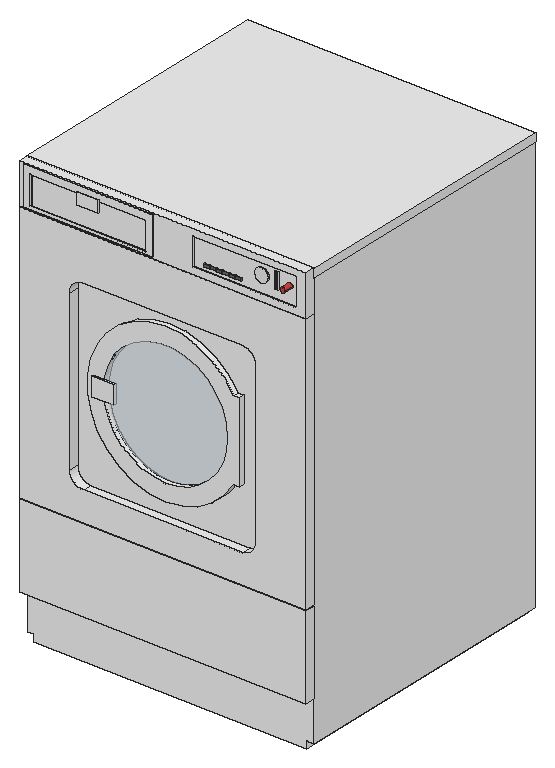
Revit family
Parameters (values of type "Washer_PW_6241_Miele")
  Warranty Duration (Years) = 0
  Voltage_MEP = 230 V
  URL = "http://www.professionallaundry.com/intro/default.asp"
  Specification = "http://www.arcat.com/sdspecs/htm/11110mpp.htm"
  Send Message = "http://www.arcat.com/users.pl?action=UserEmail&company=Miele%20Professional%20Products&coid=46081&rep=121&fax=609-419-4298&mf="
  Sales Information = "http://miele.com/locator/locator_new.asp?nav=800&snav=800&tnav=800&oT=7"
  Revision = "R1_03-2010"
  Product Properties = "http://www.arcat.com/bim/bim_info.pl?fn=Miele"
  Product Data = "http://www.arcat.com/arcatcos/cos46/arc46081.html"
  Model = "PW 6241"
  Manufacturer Website = "http://www.professionallaundry.com/intro/default.asp"
  Manufacturer Phone - Toll Free = "800-843-7231 "
  Manufacturer Phone = "609-419-9898 "
  Manufacturer Fax = "609-419-4298"
  Manufacturer Address = "9 Independence Way, Princeton, NJ 08540"
  Manufacturer = "Miele Professional Products"
  Maintenance Schedule (Months) = 0
  MEP Wattage = Voltage_MEP * MEP Amperage  # 18400 VA
  MEP Amperage = 80 A
  Keynote = "11 23 00"
  Installation-Fabrication = "http://www.professionallaundry.com/model/modelsintro.asp"
  Installation Phase = ""
  HW2 = Connection Dia HW / 2  # 0' - 0 1/4"
  Green Building-LEED = "http://www.arcat.com/green/clients/leed_data_46081.html"
  Expected Lifespan (Years) = 0
  Drawn By = "Robert S. Weygant, CSI, CDT, SCIP"
  Description = "Miele PW6241 Commercial Steam Extractors"
  DWV2 = Connection Dia DWV / 2  # 0' - 1 1/2"
  Copyright = "2010, ARCAT, Inc"
  Construction Details = "http://www.professionallaundry.com/model/modelsintro.asp"
  Connection Dia HW = 0' - 0 1/2"
  Connection Dia Electrical = 0' - 1"
  Connection Dia DWV = 0' - 3"
  Connection Dia CW = 0' - 0 1/2"
  Connect Dpth = -0' - 1"
  Circuits = 3
  Capacity = "54 Lbs"
  CW2 = Connection Dia CW / 2  # 0' - 0 1/4"
  Body Material = Metal - Stainless Steel
  Assembly Code = "E1090320"
Reference planes (in)
  plane 1 "Center (Front/Back)": y = 0
  plane 2: z = 0
  plane 3 "Center (Left/Right)": x = 0
  plane 4 "Connection Plane": y = 21.34415
Forms (in)
  Extrusion 1, solid, material "Electrical"
    sketch origin (9.125, 21.34415, 62.33979) x (-1, 0, 0) y (0, 0, -1)
      loop
        circle (19.22397, 6.9376) r 0.5
    from 0 to -1 <- "Connect Dpth"
  Extrusion 2, solid, material "Pb Sanitary"
    sketch origin (32.404, 21.34415, 21.29741) x (-1, 0, 0) y (0, 0, -1)
      loop
        circle (20.22397, 6.9376) r 1.5
    from 0 to -3.94116
  Extrusion 3, solid, material "Pb Supply Cold"
    sketch origin (15.5, 21.34415, 62.33979) x (-1, 0, 0) y (0, 0, -1)
      loop
        circle (18.97397, 6.9376) r 0.25
    from 0 to -1 <- "Connect Dpth"
  Extrusion 4, solid, material "Pb Supply Hot"
    sketch origin (22.55585, 21.34415, 63.12802) x (-1, 0, 0) y (0, 0, -1)
      loop
        circle (18.97397, 6.9376) r 0.25
    from 0 to -1 <- "Connect Dpth"
  Extrusion 5, solid, material "Metal - Stainless Steel" <- "Body Material"
    sketch origin (0, 3.03394, 7.6023) x (1, 0, 0) y (0, 0, 1)
      loop
        line (-21.375, 11.91803) -> (21.375, 11.91803) -> (21.375, 50.92746) -> (-21.375, 50.92746) -> (-21.375, 11.91803)
      loop
        arc (-13.90998, 18.27649) -> (-13.32419, 16.86228) -> (-11.90998, 16.27649) r 2
        line (-11.90998, 16.27649) -> (11.90998, 16.27649)
        arc (11.90998, 16.27649) -> (13.32419, 16.86228) -> (13.90998, 18.27649) r 2
        line (13.90998, 18.27649) -> (13.90998, 42.05008)
        arc (13.90998, 42.05008) -> (13.32419, 43.4643) -> (11.90998, 44.05008) r 2
        line (11.90998, 44.05008) -> (-11.90998, 44.05008)
        arc (-11.90998, 44.05008) -> (-13.32419, 43.4643) -> (-13.90998, 42.05008) r 2
        line (-13.90998, 42.05008) -> (-13.90998, 18.27649)
    from 23.0488 to 24.43979
  Extrusion 6, solid, material "Metal - Stainless Steel" <- "Body Material"
    sketch origin (0, 3.03394, 9.87404) x (1, 0, 0) y (0, 0, 1)
      loop
        line (-21.375, 54.80736) -> (-21.375, 48.68697) -> (21.375, 48.68697) -> (21.375, 54.80736) -> (-21.375, 54.80736)
      loop
        line (-19.79854, 53.60183) -> (-19.79854, 49.28973) -> (-2.45743, 49.28973) -> (-2.45743, 53.60183) -> (-19.79854, 53.60183)
      loop
        line (4.45119, 53.83366) -> (4.45119, 49.66067) -> (19.984, 49.66067) -> (19.984, 53.83366) -> (4.45119, 53.83366)
    from 23.0488 to 24.43979
  Extrusion 7, solid, material "Metal - Stainless Steel" <- "Body Material"
    sketch origin (0, 8.00677, 56.64642) x (1, 0, 0) y (0, 0, 1)
      loop
        line (-21.46773, 8.03498) -> (-21.46773, 6.82945) -> (21.5141, 6.82945) -> (21.5141, 8.03498) -> (-21.46773, 8.03498)
    from -13.33738 to 28.02162
  Extrusion 8, solid, material "Metal - Stainless Steel" <- "Body Material"
    sketch origin (0, 8.00677, 48.76598) x (1, 0, 0) y (0, 0, 1)
      loop
        line (-21.375, 14.70988) -> (-21.375, -47.79229) -> (-20.4013, -47.79229) -> (-20.4013, -48.76598) -> (20.4013, -48.76598) -> (20.4013, -47.79229) -> (21.375, -47.79229) -> (21.375, 14.70988) -> (-21.375, 14.70988)
    from -13.33738 to 28.02162
  Extrusion 9, solid, material "Metal - Stainless Steel" <- "Body Material"
    sketch origin (0, 1.87539, 6.1023) x (1, 0, 0) y (0, 0, 1)
      loop
        arc (10.09414, 37.92088) -> (-11.74972, 31.82484) -> (10.17691, 26.03357) r 11.75
        line (10.17691, 26.03357) -> (11.03525, 26.03357) -> (11.03525, 37.92088) -> (10.09414, 37.92088)
      loop
        circle (0, 31.90665) r 9.30113
    from 21.89024 to 22.74493
  Extrusion 10, solid, material "Metal - Stainless Steel" <- "Body Material"
    sketch origin (0, 1.87539, 7.6023) x (1, 0, 0) y (0, 0, 1)
      loop
        line (-10.84978, 31.85567) -> (-10.84978, 29.07367) -> (-7.55775, 29.07367) -> (-7.55775, 31.85567) -> (-10.84978, 31.85567)
    from 22.74493 to 23.09548
  Extrusion 11, solid, material "Glass - Laundry"
    sketch origin (0, 1.87539, 7.6023) x (1, 0, 0) y (0, 0, 1)
      loop
        circle (0, 30.40665) r 9.30113
    from 21.89024 to 22.16783
  Extrusion 12, solid, material "Metal - Stainless Steel" <- "Body Material"
    sketch origin (5.30585, 3.03394, 10.33746) x (1, 0, 0) y (0, 0, 1)
      loop
        line (-0.85466, 53.37024) -> (-0.85466, 49.19724) -> (14.67815, 49.19724) -> (14.67815, 53.37024) -> (-0.85466, 53.37024)
    from 23.0488 to 24.30019
  Extrusion 13, solid, material "Metal - Stainless Steel" <- "Body Material"
    sketch origin (0, 3.03394, 9.54923) x (1, 0, 0) y (0, 0, 1)
      loop
        line (-19.79854, 53.92663) -> (-19.79854, 49.61454) -> (-2.45743, 49.61454) -> (-2.45743, 53.92663) -> (-19.79854, 53.92663)
    from 23.0488 to 24.30019
  Extrusion 14, solid, material "Pb Supply Cold"
    sketch origin (13.5, 21.34415, 62.33979) x (-1, 0, 0) y (0, 0, -1)
      loop
        circle (18.97397, 6.9376) r 0.25
    from 0 to -1 <- "Connect Dpth"
  Extrusion 15, solid, material "Pb Supply Cold"
    sketch origin (11.5, 21.34415, 62.33979) x (-1, 0, 0) y (0, 0, -1)
      loop
        circle (18.97397, 6.9376) r 0.25
    from 0 to -1 <- "Connect Dpth"
  Extrusion 16, solid, material "Black"
    sketch origin (5.32674, -21.26624, 10.10578) x (1, 0, 0) y (0, 0, 1)
      loop
        line (0.81414, 50.4489) -> (0.81414, 50.0317) -> (1.60218, 50.0317) -> (1.60218, 50.4489) -> (0.81414, 50.4489)
      loop
        line (1.74125, 50.4489) -> (1.74125, 50.0317) -> (2.57565, 50.0317) -> (2.57565, 50.4489) -> (1.74125, 50.4489)
      loop
        line (2.71471, 50.4489) -> (2.71471, 50.0317) -> (3.50276, 50.0317) -> (3.50276, 50.4489) -> (2.71471, 50.4489)
      loop
        line (3.64182, 50.4489) -> (3.64182, 50.0317) -> (4.42987, 50.0317) -> (4.42987, 50.4489) -> (3.64182, 50.4489)
      loop
        line (4.61529, 50.4489) -> (4.61529, 50.0317) -> (5.40333, 50.0317) -> (5.40333, 50.4489) -> (4.61529, 50.4489)
      loop
        line (5.5424, 50.4489) -> (5.5424, 50.0317) -> (6.33044, 50.0317) -> (6.33044, 50.4489) -> (5.5424, 50.4489)
    from 0 to 0.125
  Extrusion 17, solid, material "White"
    sketch origin (9.3439, -21.26624, 10.60861) x (1, 0, 0) y (0, 0, 1)
      loop
        circle (5.40193, 51.40611) r 1
    from 0 to 0.125
  Extrusion 18, solid, material "White"
    sketch origin (11.55283, -21.26624, 10.7) x (1, 0, 0) y (0, 0, 1)
      loop
        line (5.2165, 52.59154) -> (5.2165, 50.16391) -> (5.58734, 50.16391) -> (5.58734, 52.59154) -> (5.2165, 52.59154)
      loop
        line (5.35556, 52.45102) -> (5.35556, 50.30268) -> (5.44827, 50.30268) -> (5.44827, 52.45102) -> (5.35556, 52.45102)
    from 0 to 0.125
  Extrusion 19, solid, material "Red"
    sketch origin (13.50237, -21.26624, 10.60625) x (1, 0, 0) y (0, 0, 1)
      loop
        circle (5.40193, 51.40611) r 0.36667
    from 0 to 1.34514
  Extrusion 20, solid, material "Metal - Stainless Steel" <- "Body Material"
    sketch origin (0, 3.03394, 31.43837) x (1, 0, 0) y (0, 0, 1)
      loop
        line (-21.375, -12.1035) -> (-21.375, -24.52975) -> (21.375, -24.52975) -> (21.375, -12.1035) -> (-21.375, -12.1035)
    from 23.0488 to 24.43979
  Extrusion 21, solid, material "Metal - Stainless Steel" <- "Body Material"
    sketch origin (0, 3.03394, 9.87404) x (1, 0, 0) y (0, 0, 1)
      loop
        line (-20.8186, 54.62189) -> (-20.8186, 48.87243) -> (-1.48373, 48.87243) -> (-1.48373, 54.62189) -> (-20.8186, 54.62189)
      loop
        line (-19.79854, 53.60183) -> (-19.79854, 49.28973) -> (-2.45743, 49.28973) -> (-2.45743, 53.60183) -> (-19.79854, 53.60183)
    from 24.51231 to 24.43979
  Extrusion 22, solid, material "Metal - Stainless Steel" <- "Body Material"
    sketch origin (0, 3.03394, 9.87404) x (1, 0, 0) y (0, 0, 1)
      loop
        line (-12.70445, 53.77233) -> (-12.70445, 52.02536) -> (-9.55152, 52.02536) -> (-9.55152, 53.77233) -> (-12.70445, 53.77233)
    from 24.67578 to 24.51231
Lines and regions (in)
  Split face 1
    outline origin (5.30585, -21.26624, 10.33746) x (1, 0, 0) y (0, 0, 1)
      loop
        line (0.30423, 52.76662) -> (0.30423, 50.58791) -> (9.43998, 50.58791)
        arc (9.43998, 50.58791) -> (10.52933, 51.67726) -> (9.43998, 52.76662) r 1.08935
        line (9.43998, 52.76662) -> (0.30423, 52.76662)
  Split face 2
    outline origin (5.24335, -21.26624, 10.27496) x (1, 0, 0) y (0, 0, 1)
      loop
        circle (13.66095, 51.7374) r 0.48943
  symbolic lines, style "MechanicalEquipmentHiddenLines"
    curve 1: arc (0, -21.40585, 46.94509) -> (0, -40.85271, 38.06697) -> (0, -21.40585, 29.18886) r 11.75
    curve 2: arc (0, -21.40585, 43.19737) -> (0, -38.35271, 38.06697) -> (0, -21.40585, 32.93658) r 9.25
    curve 3: arc (0, -21.40585, 41.03698) -> (0, -37.3526, 38.10823) -> (0, -21.43594, 35.02013) r 8.25
    curve 4: line (0, -37.17004, 63.28301) -> (0, -37.17004, 59.48082)
    curve 5: line (0, -37.17004, 59.48082) -> (0, -35.96479, 59.48082)
    curve 6: line (0, -35.96479, 59.48082) -> (0, -35.96479, 62.49285)
    curve 7: line (0, -35.15662, 62.39887) -> (0, -37.17004, 62.63299)
    curve 8: line (0, -21.40585, 63.28301) -> (0, -37.17004, 63.28301)
    curve 9: line (0, -34.40516, 59.54332) -> (0, -35.15662, 62.39887)
    curve 10: line (0, -21.40516, 59.54332) -> (0, -34.40516, 59.54332)
    curve 12: line (11.62341, -21.39124, 0) -> (26.62045, -36.38828, 0)
    curve 13: line (12.79718, -21.45222, 0) -> (27.17685, -35.83188, 0)
    curve 14: arc (26.62045, -36.38828, 0) -> (2.2257, -41.41475, 0) -> (-12.70445, -21.47837, 0) r 23.23752
    curve 15: line (26.62045, -36.38828, 0) -> (27.17685, -35.83188, 0)
  model lines
    curve 11: circle (0, -20.29244, 38.00895) r 8.25 normal (0, -1, 0)
Dimensions and locks (in)
  "Connection Dia Electrical": Extrusion 1 sketch curve to Extrusion 1 sketch curve
  "Connection Dia DWV": Extrusion 2 sketch curve to Extrusion 2 sketch curve
  "Connection Dia CW": Extrusion 3 sketch curve to Extrusion 3 sketch curve
  "Connection Dia HW": Extrusion 4 sketch curve to Extrusion 4 sketch curve
  "Connection Dia CW": Extrusion 14 sketch curve to Extrusion 14 sketch curve
  "Connection Dia CW": Extrusion 15 sketch curve to Extrusion 15 sketch curve
  aligned and locked: Extrusion 1 to Extrusion 3
  aligned and locked: Extrusion 1 to Extrusion 4
  aligned and locked: Extrusion 8 to plane 4 "Connection Plane"
Automatic sketch dimensions
  curve 1 to curve 2 = 0' - 0"  (x3)
  curve 1 to curve 3 = 0' - 0"  (x3)
  curve 2 to curve 3 = 0' - 0"  (x3)
  plane 1 "Center (Front/Back)" to curve 5 = 3' - 1.17004"
  curve 7 to curve 6 = 0' - 1.20524"
  curve 6 to curve 9 = 0' - 0.80818"
  curve 5 to curve 9 = 0' - 1.55964"
  curve 9 to curve 2 = 0' - 5.30245"
  curve 1 to curve 3 = 0' - 7.66676"
  curve 3 to curve 2 = 0' - 0.03009"
  curve 3 to curve 3 = 0' - 0.03009"
  curve 9 to curve 8 = 1' - 0.9993"
  curve 8 to curve 10 = 0' - 0.0007"
  level to curve 1 = 2' - 5.18886"
  curve 1 to curve 2 = 0' - 3.74772"
  curve 2 to curve 3 = 0' - 2.08355"
  curve 3 to curve 1 = 0' - 3.04684"
  curve 1 to curve 6 = 1' - 0.53573"
  curve 5 to curve 10 = 0' - 0 1/16"
  curve 9 to curve 7 = 0' - 2.85556"
  curve 7 to curve 6 = 0' - 0.09397"
  curve 10 to curve 8 = 0' - 3.73969"
  Extrusion 1 sketch curve to Extrusion 1 sketch curve = 0' - 0"  (x2)
  Extrusion 1 sketch curve to plane 3 "Center (Left/Right)" = 0' - 9.59897"
  level to Extrusion 1 sketch curve = 4' - 7.40219"
  Extrusion 2 sketch curve to Extrusion 2 sketch curve = 0' - 0"  (x2)
  plane 3 "Center (Left/Right)" to Extrusion 2 sketch curve = 1' - 1.68003"
  level to Extrusion 2 sketch curve = 1' - 2.35981"
  Extrusion 3 sketch curve to Extrusion 3 sketch curve = 0' - 0"  (x2)
  Extrusion 3 sketch curve to plane 3 "Center (Left/Right)" = 0' - 3.22397"
  level to Extrusion 3 sketch curve = 4' - 7.40219"
  Extrusion 4 sketch curve to Extrusion 4 sketch curve = 0' - 0"  (x2)
  plane 3 "Center (Left/Right)" to Extrusion 4 sketch curve = 0' - 3.83188"
  level to Extrusion 4 sketch curve = 4' - 8.19043"
  Extrusion 5 sketch curve to plane 3 "Center (Left/Right)" = 1' - 9 3/8"
  Extrusion 5 sketch curve to Extrusion 5 sketch curve = 0' - 7.46502"  (x2)
  Extrusion 5 sketch curve to Extrusion 5 sketch curve = 0' - 2"  (x3)
  plane 3 "Center (Left/Right)" to Extrusion 5 sketch curve = 0' - 11.90998"  (x2)
  level to Extrusion 5 sketch curve = 1' - 7.52034"
  Extrusion 5 sketch curve to Extrusion 5 sketch curve = 0' - 4.35846"
  Extrusion 5 sketch curve to Extrusion 5 sketch curve = 1' - 11.77359"
  Extrusion 5 sketch curve to Extrusion 5 sketch curve = 0' - 8.87737"
  Extrusion 6 sketch curve to plane 3 "Center (Left/Right)" = 1' - 9 3/8"
  Extrusion 6 sketch curve to Extrusion 6 sketch curve = 0' - 1.57646"
  Extrusion 6 sketch curve to plane 3 "Center (Left/Right)" = 0' - 2.45743"
  plane 3 "Center (Left/Right)" to Extrusion 6 sketch curve = 0' - 4.45119"
  Extrusion 6 sketch curve to Extrusion 6 sketch curve = 1' - 3.53281"
  Extrusion 6 sketch curve to Extrusion 6 sketch curve = 0' - 1.391"
  level to Extrusion 6 sketch curve = 4' - 10.56101"
  Extrusion 6 sketch curve to Extrusion 6 sketch curve = 0' - 0.60277"
  Extrusion 6 sketch curve to Extrusion 6 sketch curve = 0' - 0.37093"
  Extrusion 6 sketch curve to Extrusion 6 sketch curve = 0' - 4.31209"
  Extrusion 6 sketch curve to Extrusion 6 sketch curve = 0' - 4.17299"
  Extrusion 6 sketch curve to Extrusion 6 sketch curve = 0' - 0.9737"
  Extrusion 7 sketch curve to plane 3 "Center (Left/Right)" = 1' - 9.46773"
  plane 3 "Center (Left/Right)" to Extrusion 7 sketch curve = 1' - 9.5141"
  level to Extrusion 7 sketch curve = 5' - 3.47587"
  Extrusion 7 sketch curve to Extrusion 7 sketch curve = 0' - 1.20553"
  Extrusion 9 sketch curve to Extrusion 9 sketch curve = 0' - 0"  (x2)
  Extrusion 9 sketch curve to plane 3 "Center (Left/Right)" = 0' - 0"
  plane 3 "Center (Left/Right)" to Extrusion 9 sketch curve = 0' - 10.09414"
  plane 3 "Center (Left/Right)" to Extrusion 9 sketch curve = 0' - 10.17691"
  Extrusion 9 sketch curve to Extrusion 9 sketch curve = 0' - 0.85834"
  level to Extrusion 9 sketch curve = 2' - 8.13587"
  Extrusion 9 sketch curve to Extrusion 9 sketch curve = 0' - 5.87308"
  Extrusion 10 sketch curve to plane 3 "Center (Left/Right)" = 0' - 10.84978"
  Extrusion 10 sketch curve to Extrusion 10 sketch curve = 0' - 3.29203"
  level to Extrusion 10 sketch curve = 3' - 0.67598"
  Extrusion 10 sketch curve to Extrusion 10 sketch curve = 0' - 2.782"
  Extrusion 11 sketch curve to plane 3 "Center (Left/Right)" = 0' - 0"
  level to Extrusion 11 sketch curve = 3' - 2.00895"
  plane 3 "Center (Left/Right)" to Extrusion 12 sketch curve = 0' - 4.45119"
  Extrusion 12 sketch curve to Extrusion 12 sketch curve = 1' - 3.53281"
  level to Extrusion 12 sketch curve = 4' - 11.53471"
  Extrusion 12 sketch curve to Extrusion 12 sketch curve = 0' - 4.17299"
  Extrusion 13 sketch curve to plane 3 "Center (Left/Right)" = 1' - 7.79854"
  Extrusion 13 sketch curve to plane 3 "Center (Left/Right)" = 0' - 2.45743"
  level to Extrusion 13 sketch curve = 4' - 11.16377"
  Extrusion 13 sketch curve to Extrusion 13 sketch curve = 0' - 4.31209"
  Extrusion 14 sketch curve to Extrusion 14 sketch curve = 0' - 0"  (x2)
  Extrusion 14 sketch curve to plane 3 "Center (Left/Right)" = 0' - 5.22397"
  level to Extrusion 14 sketch curve = 4' - 7.40219"
  Extrusion 15 sketch curve to Extrusion 15 sketch curve = 0' - 0"  (x2)
  Extrusion 15 sketch curve to plane 3 "Center (Left/Right)" = 0' - 7.22397"
  level to Extrusion 15 sketch curve = 4' - 7.40219"
  Extrusion 16 sketch curve to Extrusion 12 = 0' - 3.57023"  (x4)
  Extrusion 16 sketch curve to Extrusion 12 = 0' - 1.68968"
  Extrusion 16 sketch curve to Extrusion 16 sketch curve = 0' - 0.78804"  (x5)
  Extrusion 16 sketch curve to Extrusion 16 sketch curve = 0' - 0.13907"  (x4)
  Extrusion 16 sketch curve to Extrusion 16 sketch curve = 0' - 0.8344"
  Extrusion 16 sketch curve to Extrusion 12 = 0' - 3.15303"  (x6)
  Extrusion 16 sketch curve to Extrusion 16 sketch curve = 0' - 0.18542"
  Extrusion 16 sketch curve to Extrusion 16 sketch curve = 0' - 0"  (x2)
  Split face 1 sketch curve to Extrusion 12 = 0' - 1.15889"
  Split face 1 sketch curve to Extrusion 12 = 0' - 1.39066"
  Split face 1 sketch curve to Extrusion 12 = 0' - 5.23817"
  Split face 1 sketch curve to Split face 1 sketch curve = 0' - 1.08935"
  Extrusion 17 sketch curve to Extrusion 12 = 0' - 1.69297"
  Extrusion 17 sketch curve to Extrusion 12 = 0' - 5.23817"
  Extrusion 18 sketch curve to Extrusion 12 = 0' - 1.3292"
  Extrusion 18 sketch curve to Extrusion 12 = 0' - 3.21467"
  Extrusion 18 sketch curve to Extrusion 18 sketch curve = 0' - 0.13907"  (x2)
  Extrusion 18 sketch curve to Extrusion 18 sketch curve = 0' - 0.09271"
  Extrusion 18 sketch curve to Extrusion 18 sketch curve = 0' - 0.13877"
  Extrusion 18 sketch curve to Extrusion 12 = 0' - 0.55668"
  Extrusion 18 sketch curve to Extrusion 18 sketch curve = 0' - 0.14052"
  Extrusion 19 sketch curve to Extrusion 12 = 0' - 1.0797"
  Extrusion 19 sketch curve to Extrusion 12 = 0' - 1 89/128"
  Split face 2 sketch curve to Extrusion 12 = 0' - 1.0797"
  Split face 2 sketch curve to Extrusion 12 = 0' - 1 89/128"
  level to Extrusion 20 sketch curve = 0' - 6.90862"
  Extrusion 20 sketch curve to plane 3 "Center (Left/Right)" = 1' - 9 3/8"
  plane 3 "Center (Left/Right)" to Extrusion 20 sketch curve = 1' - 9 3/8"
  Extrusion 20 sketch curve to Extrusion 20 sketch curve = 1' - 0.42625"
  Extrusion 8 sketch curve to plane 3 "Center (Left/Right)" = 1' - 9 3/8"
  Extrusion 8 sketch curve to Extrusion 8 sketch curve = 0' - 0.9737"  (x2)
  level to Extrusion 8 sketch curve = 0' - 0.9737"  (x2)
  plane 3 "Center (Left/Right)" to Extrusion 8 sketch curve = 1' - 8.4013"
  Extrusion 8 sketch curve to Extrusion 8 sketch curve = 5' - 2.50217"
  Extrusion 8 sketch curve to level = 0' - 0"
  Extrusion 21 sketch curve to plane 3 "Center (Left/Right)" = 1' - 8.8186"
  Extrusion 21 sketch curve to Extrusion 21 sketch curve = 0' - 1.02007"  (x2)
  Extrusion 21 sketch curve to plane 3 "Center (Left/Right)" = 0' - 2.45743"
  level to Extrusion 21 sketch curve = 4' - 10.74648"
  Extrusion 21 sketch curve to Extrusion 21 sketch curve = 0' - 0.4173"
  Extrusion 21 sketch curve to Extrusion 21 sketch curve = 0' - 4.31209"
  Extrusion 21 sketch curve to plane 3 "Center (Left/Right)" = 0' - 1.48373"
  Extrusion 22 sketch curve to plane 3 "Center (Left/Right)" = 1' - 0.70445"
  Extrusion 22 sketch curve to Extrusion 22 sketch curve = 0' - 3.15293"
  level to Extrusion 22 sketch curve = 5' - 1.8994"
  Extrusion 22 sketch curve to Extrusion 22 sketch curve = 0' - 1.74697"
  curve 14 to plane 3 "Center (Left/Right)" = 1' - 0.70445"
  plane 3 "Center (Left/Right)" to curve 14 = 0' - 10.46388"
  curve 14 to curve 12 = 0' - 1.15952"
  curve 13 to curve 14 = 1' - 1.82327"
  curve 12 to curve 13 = 0' - 0.5564"
  curve 14 to curve 15 = 0' - 0.5564"
  plane 1 "Center (Front/Back)" to curve 14 = 1' - 9.47837"
  curve 13 to curve 14 = 0' - 1.76566"
  curve 13 to curve 12 = 0' - 0.06097"
  radius of Extrusion 9 sketch curve = 0' - 9.30113"
  radius of Extrusion 11 sketch curve = 0' - 9.30113"
  radius of Extrusion 17 sketch curve = 0' - 1"
  radius of Extrusion 19 sketch curve = 0' - 0.36667"
  radius of Split face 2 sketch curve = 0' - 0.48943"
  radius of curve 11 to Extrusion 11 = 0' - 1.05113"
Connectors (in)
  electrical at (-10.09897, 22.34415, 55.40219), driven by "Voltage_MEP", driven by "MEP Wattage"
    settings: on Extrusion 1, index 1
  piping at (3.58188, 22.34415, 56.19043), driven by "HW2"
    settings: on Extrusion 4, index 2
  piping at (-3.47397, 22.34415, 55.40219), driven by "CW2"
    settings: on Extrusion 3, index 3
  piping at (12.18003, 25.28531, 14.35981), driven by "DWV2"
    settings: on Extrusion 2, index 5
  piping at (-5.47397, 22.34415, 55.40219), driven by "CW2"
    settings: on Extrusion 14, index 6
  piping at (-7.47397, 22.34415, 55.40219), driven by "CW2"
    settings: on Extrusion 15, index 7
